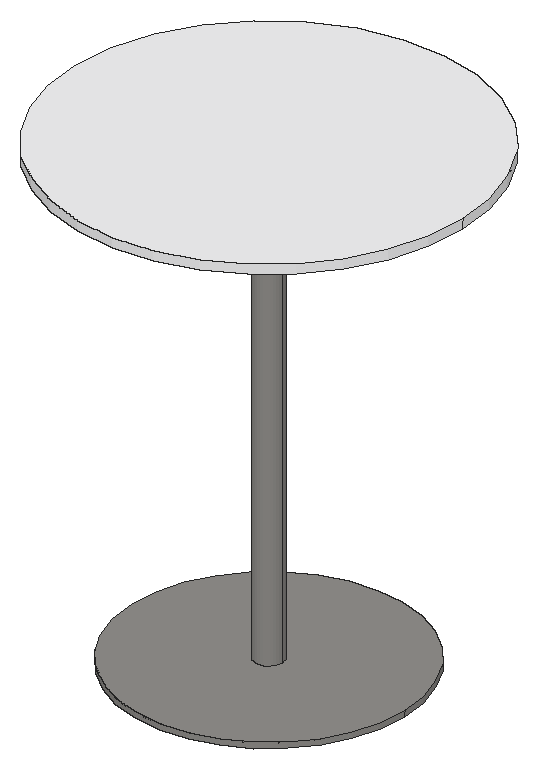
Revit family "FU_Table_Sandler_Nume 9-3", category Furniture, Revit 2020
Family settings
  OmniClass Number = 23.40.20.00
  OmniClass Title = General Furniture and Specialties
  Work Plane-Based = No
  Always vertical = Yes
  Cut with Voids When Loaded = No
  Shared = No
  Room Calculation Point = No
Parameters (values of type "NUME 9.3 HPL/Fenix Top")
  Width = Depth  # 500 mm
  URL = "https://www.sandlerseating.com/product/nume-9-3/"
  Top Type = Nume_HPL_Top : Nume HPL 500x12mm
  Top Finish = HPL - Solid - White
  Requested Height = 600 mm
  Model = "Nume 9.3"
  Min Height = 530 mm  # constant formula
  Max Height = 750 mm  # constant formula
  Manufacturer = "Sandler"
  Height = if(Requested Height < Min Height, Min Height, if(Requested Height > Max Height, Max Height, Requested Height))  # 600 mm
  Description = "Height adjustable side table, with 50cm HPL top and steel base."
  Depth = 500 mm  # constant formula
  Default Elevation = 0 mm
  Base Finish = Epoxy - M2 - Rust Grey
Types (3, lengths in mm): name | Top Type | Top Finish | Description | Base Finish
  (no name) | Nume_HPL_Top : Nume HPL 500x12mm | HPL - Solid - White | "Height adjustable side table, with 50cm HPL top and steel base." | Epoxy - M2 - Rust Grey
  NUME 9.3 HPL/Fenix Top | Nume_HPL_Top : Nume HPL 500x12mm | HPL - Solid - White | "Height adjustable side table, with 50cm HPL top and steel base." | Epoxy - M2 - Rust Grey
  Nume 9.3 Wood/Laminate Top | Nume_Wood_Top : Nume Wood 500x19mm | Wood - Oak - Walnut | "Height adjustable side table, with 50cm wood top and steel base." | Epoxy - M1_B00 - Black
Reference planes
  plane 1 "Center (Front/Back)": y = 0
  plane 2: z = 0
  plane 3 "Center (Left/Right)": x = 0
  plane 4 "Right": x = -250
  plane 5 "Left": x = 250
  plane 6 "Back": y = 250
  plane 7 "Front": y = -250
  plane 8 "Height": z = 600
  plane 9 "Top Base": z = 588
  plane 10 "Base Top": z = 466
  plane 11 "Adjuster": z = 568
Forms (mm)
  Extrusion 1, solid, material "Epoxy - M2 - Rust Grey" <- "Base Finish"
    sketch origin (0, 0, 0) x (1, 0, 0) y (0, 1, 0)
      loop
        circle (0, 0) r 175
    from 0 to 7
  Revolve 2, solid, material "Epoxy - M2 - Rust Grey" <- "Base Finish"
    sketch origin (0, 0, -3.312) x (1, 0, 0) y (0, 0, 1)
      loop
        line (-20, 591.312) -> (-20, 554.671)
        arc (-20, 554.671) -> (-18.536, 551.135) -> (-15, 549.671) r 5
        line (-15, 549.671) -> (-12.742, 549.671) -> (-12.742, 591.312) -> (-20, 591.312)
      axis (0, 591.312) -> (0, 549.671)
    angle from 0 to 360
  Revolve 3, solid, material "Epoxy - M2 - Rust Grey" <- "Base Finish"
    sketch origin (0, 0, 0) x (1, 0, 0) y (0, 0, 1)
      loop
        line (-12.5, 466) -> (-14.5, 466)
        arc (-14.5, 466) -> (-16.621, 465.121) -> (-17.5, 463) r 3
        line (-17.5, 463) -> (-17.5, 7) -> (-12.5, 7) -> (-12.5, 466)
      axis (0, 466) -> (0, 7)
    angle from 0 to 360
  Extrusion 4, solid, material "Epoxy - M2 - Rust Grey" <- "Base Finish"
    sketch origin (0, 0, 588) x (-1, 0, 0) y (0, -1, 0)
      loop
        circle (0, 0) r 75
    from 0 to -4.04
  Extrusion 5, solid, material "Metal - Chrome - Polished"
    sketch origin (0, 0, 588) x (-1, 0, 0) y (0, -1, 0)
      loop
        circle (0, 0) r 12.5
    from 0 to -280
  Revolve 6, solid, material "Epoxy - M1_B00 - Black"
    sketch origin (-0.111, -0.145, 567.5) x (0, -1, 0) y (1, 0, 0)
      loop
        line (-4.136, -98.179) -> (-5.698, -133.144) -> (-6.532, -148.218)
        arc (-6.532, -148.218) -> (-6.414, -155.594) -> (-5.992, -162.959) r 178.81
        arc (-5.992, -162.959) -> (-4.08, -166.896) -> (0, -168.48) r 5.987
        line (0, -168.48) -> (0, 0) -> (-4.136, 0) -> (-4.136, -98.179)
      axis (0, -168.48) -> (0, 0)
    angle from 0 to 360
Cuts and joins
  joined: Revolve 2, Extrusion 4
  joined: Extrusion 1, Revolve 3
Dimensions and locks
  equal spacing: plane 4 "Right", plane 3 "Center (Left/Right)", plane 5 "Left"
  "Width": plane 4 "Right" to plane 5 "Left"
  equal spacing: plane 6 "Back", plane 1 "Center (Front/Back)", plane 7 "Front"
  "Depth": plane 6 "Back" to plane 7 "Front"
  "Height": plane 8 "Height" to level
  plane 9 "Top Base" to level = 588 mm
  locked: plane 10 "Base Top" to level at 466
  locked: plane 8 "Height" to plane 9 "Top Base" at 12
  locked: plane 9 "Top Base" to plane 11 "Adjuster" at 20
  plane 9 "Top Base" to plane 11 "Adjuster" = 20 mm
  aligned and locked: level to plane 2
  aligned and locked: plane 10 "Base Top" to Revolve 3 sketch curve
Automatic sketch dimensions
  plane 1 "Center (Front/Back)" to Extrusion 1 sketch curve = 0 mm
  Extrusion 1 sketch curve to plane 3 "Center (Left/Right)" = 0 mm
  Revolve 2 sketch curve to plane 3 "Center (Left/Right)" = 0 mm
  Revolve 2 sketch curve to plane 3 "Center (Left/Right)" = 12.742 mm
  Revolve 2 sketch curve to Revolve 2 sketch curve = 2.258 mm
  plane 9 "Top Base" to Revolve 2 sketch curve = 0 mm
  Revolve 2 sketch curve to Revolve 2 sketch curve = 7.258 mm
  Revolve 2 sketch curve to plane 9 "Top Base" = 36.642 mm
  Revolve 2 sketch curve to Revolve 2 sketch curve = 0.212 mm
  plane 9 "Top Base" to Revolve 2 sketch curve = 4.273 mm
  Revolve 3 sketch curve to plane 3 "Center (Left/Right)" = 0 mm
  Revolve 3 sketch curve to plane 3 "Center (Left/Right)" = 12.5 mm
  Revolve 3 sketch curve to Revolve 3 sketch curve = 2 mm
  Revolve 3 sketch curve to Revolve 3 sketch curve = 5 mm
  Revolve 3 sketch curve to plane 10 "Base Top" = 28.542 mm
  plane 10 "Base Top" to Revolve 3 sketch curve = 5 mm
  plane 1 "Center (Front/Back)" to Extrusion 4 sketch curve = 0 mm
  Extrusion 4 sketch curve to plane 3 "Center (Left/Right)" = 0 mm
  plane 1 "Center (Front/Back)" to Extrusion 5 sketch curve = 0 mm
  Extrusion 5 sketch curve to plane 3 "Center (Left/Right)" = 0 mm
  level to Revolve 3 sketch curve = 7 mm
  Revolve 6 sketch curve to plane 1 "Center (Front/Back)" = 6.387 mm
  Revolve 6 sketch curve to plane 1 "Center (Front/Back)" = 5.553 mm
  Revolve 6 sketch curve to plane 1 "Center (Front/Back)" = 3.991 mm
  plane 1 "Center (Front/Back)" to Revolve 6 sketch curve = 0.122 mm
  plane 1 "Center (Front/Back)" to Revolve 6 sketch curve = 0.145 mm  (x2)
  plane 7 "Front" to Revolve 6 sketch curve = 77.578 mm
  Revolve 6 sketch curve to plane 4 "Right" = 81.41 mm
  Revolve 6 sketch curve to Revolve 6 sketch curve = 5.987 mm
  Revolve 6 sketch curve to plane 4 "Right" = 100.839 mm
  Revolve 6 sketch curve to Revolve 6 sketch curve = 14.741 mm
  Revolve 6 sketch curve to Revolve 6 sketch curve = 15.074 mm
  Revolve 6 sketch curve to Revolve 6 sketch curve = 34.965 mm
  Revolve 6 sketch curve to plane 3 "Center (Left/Right)" = 0.111 mm
  Revolve 6 sketch curve to Revolve 6 sketch curve = 16.52 mm
  plane 3 "Center (Left/Right)" to Revolve 6 sketch curve = 7.561 mm
  radius of Extrusion 1 sketch curve = 175 mm
  radius of Extrusion 4 sketch curve = 75 mm
  radius of Extrusion 5 sketch curve = 12.5 mm
Nested families
  nested 1: "Nume_HPL_Top" at (0, 0, 0), type <- "Top Type", Top Elevation <- "Height", Top Finish <- "Top Finish", type "Nume HPL 500x12mm"
    with Top Finish HPL - Solid - White, Top Elevation 600 mm
Definition of nested family "Nume_HPL_Top"
  Parameters (values of type "Nume HPL 500x12mm")
    Width = 500 mm
    Top Elevation [instance] = 750 mm
    Top Finish [instance] = none
    Depth = Width  # 500 mm
    Default Elevation = 0 mm
  Types (2, lengths in mm): name | Width | Depth
    Nume HPL 400x12mm | 400 | 400
    Nume HPL 500x12mm | 500 | 500
  Reference planes
    plane 1 "Center (Front/Back)": y = 0
    plane 2: z = 0
    plane 3 "Center (Left/Right)": x = 0
    plane 4 "Right": x = -250
    plane 5 "Left": x = 250
    plane 6 "Back": y = 250
    plane 7 "Front": y = -250
    plane 8 "Elevation": z = 750
    plane 9 "Thickness": z = 738
  Forms (mm)
    Extrusion 1, solid, material <- "Top Finish"
      sketch origin (-50, 0, 750) x (-1, 0, 0) y (0, -1, 0)
        loop
          circle (-50, 0) r 250
      from 0 to -12
  Dimensions and locks
    equal spacing: plane 4 "Right", plane 3 "Center (Left/Right)", plane 5 "Left"
    "Width": plane 4 "Right" to plane 5 "Left"
    equal spacing: plane 6 "Back", plane 1 "Center (Front/Back)", plane 7 "Front"
    "Depth": plane 6 "Back" to plane 7 "Front"
    "Top Elevation": plane 8 "Elevation" to level
    plane 9 "Thickness" to level = 738 mm
    locked: plane 8 "Elevation" to plane 9 "Thickness" at 12
    aligned and locked: level to plane 2
    aligned and locked: Extrusion 1 to plane 9 "Thickness"
    aligned and locked: plane 8 "Elevation" to Extrusion 1
    aligned and locked: Extrusion 1 to plane 8 "Elevation"  (x2)
  Automatic sketch dimensions
    plane 1 "Center (Front/Back)" to Extrusion 1 sketch curve = 0 mm
    Extrusion 1 sketch curve to plane 3 "Center (Left/Right)" = 0 mm
    radius of Extrusion 1 sketch curve = 250 mm
